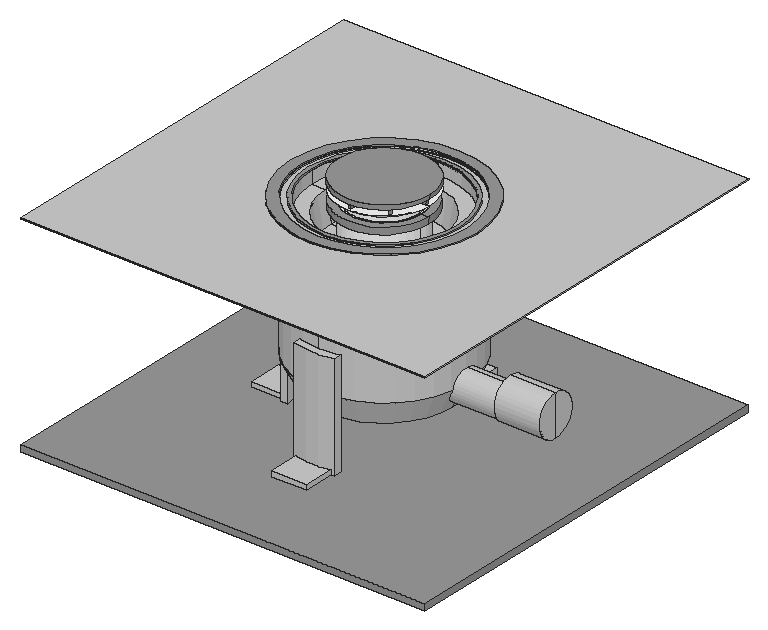
Revit family "HL_Душевой трап_HL570", category Instalační zařizovací předměty, Revit 2016
Family settings
  Typ součásti = Normální
  Kóta kulaté spojky = Použít průměr
  Číslo OmniClass = 23.70.50.21.24.14
  Nadpis OmniClass = Deck Waste Water Drains
  Založené na pracovní rovině = Ne
  Vždy vertikální = Ano
  Ořezat dutým tvarem při načtení = Ne
  Sdílené = Ne
  Bod výpočtu místnosti = Ano
Parameters (values of type "HL_Душевой трап_HL570")
  РЕШЁТКА = "Edelstahl"
  РАЗМЕР = "DN40/50"
  ПРОПУСКНАЯ СПОСОБНОСТЬ [instance] = 0.0 L/s
  ПРОИЗВОДИТЕЛЬНОСТЬ = "0,50 l/s"
  ПРАВОВАЯ ИНФОРМАЦИЯ = "Авторские права(©), права на дизайн или какие либо другие права интелектуальной собственности являются исключительной собственностью компании HL Hutterer & Lechner. Изменению не подлежит. Файл семейства с данными о прозводителе изделия защищен паролем с водяным знаком."
  НОРМЫ = "EN274"
  НОМИНАЛЬНЫЙ ДИАМЕТР [instance] = 50 mm
  МАТЕРИАЛ = "PP/TPE/Edelstahl"
  МАКСИМАЛЬНАЯ НАГРУЗКА КЛАССА = "K3 - 300kg"
  ВЫСОТА МОНТАЖА = "(80) 100 - 200mm (250mm)"
  ВЕС = "0,53 [kg]"
  x [instance] = if(Высота монтажа 1 < Высота монтажа 1 минимум, -10 mm, if(Высота монтажа 1 > Высота монтажа 1 максимум, -10 mm, if(Высота монтажа 2 < Высота монтажа 2 минимум, -10 mm, if(Высота монтажа 2 > Высота монтажа 2 максимум, -10 mm, if(Высота монтажа 3 < Высота монтажа 3 минимум, -10 mm, if(Высота монтажа 3 > Высота монтажа 3 максимум, -10 mm, 20 mm))))))  # 20 mm
  Výrobce = "HL Hutterer & Lechner GmbH"
  URL = "http://www.hutterer-lechner.com/ru/products/catalog/roof-drains/HL570.aspx"
  Tile Material [instance] = none
  Připojení ventilace = no
  Připojení odpadu = yes
  Připojení HW = no
  Připojení CW = no
  Popis = "Душевой трап"
  ND40 [instance] = (НОМИНАЛЬНЫЙ ДИАМЕТР = 40 mm)  # no
  Model = "HL570"
  Assembly Code = " "
  Komentáře k typům = "HL570 FlexBox"
  Keynote = "HL570"
  Высота монтажа 3 минимум [instance] = 0 mm  # constant formula
  Высота монтажа 3 максимум [instance] = 50 mm  # constant formula
  Высота монтажа 3 [instance] = 50 mm
  Высота монтажа 2 минимум [instance] = 100 mm  # constant formula
  Высота монтажа 2 максимум [instance] = 200 mm  # constant formula
  Высота монтажа 1 минимум [instance] = 10 mm  # constant formula
  Высота монтажа 1 максимум [instance] = 30 mm  # constant formula
  IH [instance] = if(НОМИНАЛЬНЫЙ ДИАМЕТР = 50 mm, Высота монтажа 1 + Высота монтажа 2 + 1 mm, if(НОМИНАЛЬНЫЙ ДИАМЕТР = 40 mm, Высота монтажа 1 + Высота монтажа 2 + 1 mm, -10 mm))  # 212.8 mm
  Высота монтажа 2 [instance] = 200 mm
  Высота монтажа 1 [instance] = 11.8 mm  # constant formula
  HL6200 [instance] = yes
  G [instance] = 90.00°  # constant formula
  EAN = "9003076049998"
  D [instance] = if(НОМИНАЛЬНЫЙ ДИАМЕТР = 50 mm, 211.7 mm, if(НОМИНАЛЬНЫЙ ДИАМЕТР = 40 mm, 157.7 mm, -10 mm))  # 211.7 mm
  C [instance] = if(НОМИНАЛЬНЫЙ ДИАМЕТР = 50 mm, 177.8 mm, if(НОМИНАЛЬНЫЙ ДИАМЕТР = 40 mm, 182.8 mm, -10 mm)) - 200 mm + Высота монтажа 2  # 177.8 mm
  B [instance] = 12 mm  # constant formula
  A [instance] = 12 mm  # constant formula
Reference planes
  plane 1 "Center (Front/Back)": y = 0
  plane 2: z = 0
  plane 3 "Center (Left/Right)": x = 0
  plane 4: z = -12
  plane 5: z = -212.8
  plane 6: z = -11.8
  plane 7: z = -31.8
  plane 8: z = -262.8
Lines and regions (mm)
  model lines, style "InvisibleLines"
    curve 1: line (0, 0, 0) -> (0, 0, 20)
  model lines, style "PlumbingFixtures", detail levels coarse+medium
    curve 2: line (0, 0, -177.8) -> (0, 0, -50)
    curve 3: line (0, 0, -50) -> (-50, 0, 0)
    curve 4: line (0, 0, -50) -> (50, 0, 0)
    curve 6: line (0, 0, -177.8) -> (211.7, 0, -177.8)
  reference lines, not visible
    curve 5: line (0, 0, -177.8) -> (211.7, 0, -177.8)
  symbolic lines, style "PlumbingFixtures", detail levels coarse+medium
    curve 7: line (-75, 75, 0) -> (75, 75, 0)
    curve 8: line (-75, -75, 0) -> (-75, 75, 0)
    curve 9: line (75, -75, 0) -> (-75, -75, 0)
    curve 10: line (75, 75, 0) -> (75, -75, 0)
    curve 11: line (-75, 75, 0) -> (-145.711, 145.711, 0)
    curve 12: line (75, 75, 0) -> (145.711, 145.711, 0)
    curve 13: line (-75, -75, 0) -> (-145.711, -145.711, 0)
    curve 14: line (75, -75, 0) -> (145.711, -145.711, 0)
  symbolic lines, style "PlumbingFixtures", not visible, detail levels coarse+medium
    curve 15: line (-75, 75, 0) -> (75, 75, 0)
    curve 16: line (-75, -75, 0) -> (-75, 75, 0)
    curve 17: line (75, -75, 0) -> (-75, -75, 0)
    curve 18: line (75, 75, 0) -> (75, -75, 0)
    curve 19: line (-75, 75, 0) -> (-145.711, 145.711, 0)
    curve 20: line (75, 75, 0) -> (145.711, 145.711, 0)
    curve 21: line (-75, -75, 0) -> (-145.711, -145.711, 0)
    curve 22: line (75, -75, 0) -> (145.711, -145.711, 0)
Text (mm)
  text "FLOOR" at (-162.344, 0, -10.979), in view "вид строительства"
Dimensions and locks
  "B": plane 2 to plane 4
  "IH": plane 2 to plane 5
  plane 4 to curve 4 = 38 mm
  "D": curve 5 to curve 5
  "D": curve 6 to curve 6
  "Высота монтажа 1": plane 2 to plane 6
  "x": plane 6 to plane 7
  "C": plane 2 to curve 5
  "Высота монтажа 3": plane 5 to plane 8
  locked: nested 3 to plane 2 at 12.579
  locked: curve 4 to plane 3 "Center (Left/Right)" (angle 45.00°)
  locked: plane 3 "Center (Left/Right)" to curve 3 (angle 45.00°)
  "G": angle curve 5 to plane 3 "Center (Left/Right)"
  aligned and locked: level to plane 2
  aligned and locked: plane 2 to curve 4
  aligned and locked: plane 2 to curve 3
  aligned and locked: plane 3 "Center (Left/Right)" to curve 5
  aligned and locked: curve 6 to plane 3 "Center (Left/Right)"
  aligned and locked: curve 6 to curve 5
  aligned and locked: curve 2 to curve 6
  aligned and locked: nested 2 to plane 6
  aligned and locked: nested 2 to plane 3 "Center (Left/Right)"
  aligned and locked: nested 1 to plane 8
  aligned and locked: plane 3 "Center (Left/Right)" to nested 3
Automatic sketch dimensions
  curve 2 to plane 3 "Center (Left/Right)" = 0 mm
  curve 1 to plane 3 "Center (Left/Right)" = 0 mm
  curve 1 to level = 0 mm
  level to curve 1 = 20 mm
Nested families
  nested 1: "HL_Комплектующие_HL6200" at (0, 0, -262.8), visible <- "HL6200", type "HL6200"
  nested 2: "HL-Душевой трап-HL570" at (0, 0, 19.736), IH3 <- "Высота монтажа 3", IH2 <- "Высота монтажа 2", DN 40 <- "ND40", type "HL-Душевой трап-HL570"
    with IH3 50 mm, IH2 200 mm, IH1 30 mm, DN 50 yes, DN 40 no, A 60 mm
  nested 3: "HL-Душевой трап-HL522.1" at (0, 0, 7.579), type "HL-Душевой трап-HL522.1"
Connectors
  piping at (211.7, 0, -177.8), diameter 50, driven by "ПРОПУСКНАЯ СПОСОБНОСТЬ", driven by "НОМИНАЛЬНЫЙ ДИАМЕТР"
    settings: on curve 5, index 1, connector inside diameter 609.6 mm, connector length 0 mm, flow factor 0, pipe flow 0.0 L/s, pressure drop 0.0 Pa, fitting loss kfactor 0, connector angle 0.00°, fixture units 0, engagement length 0 mm, angle of deflection 0.00°, flow configuration 1, flow direction 2, fitting loss method 0, system type 16, joint type 0, gender type 0, connector reference index -1, connector utility 0, adjustable connector yes, is connector primary yes, connector description ""
Definition of nested family "HL_Комплектующие_HL6200"
  Parameters (values of type "HL6200")
    РАЗМЕР = "500x500x8mm"
    ПРАВОВАЯ ИНФОРМАЦИЯ = "Авторские права(©), права на дизайн или какие либо другие права интелектуальной собственности являются исключительной собственностью компании HL Hutterer & Lechner. Изменению не подлежит. Файл семейства с данными о прозводителе изделия защищен паролем с водяным знаком."  # constant formula
    МАТЕРИАЛ = "Gummigranulat"
    ВЫСОТА МОНТАЖА = "8 mm"
    ВЕС = "0,82 [kg]"
    Waste Connection = no
    Vent Connection = no
    Manufacturer = "HL Hutterer & Lechner GmbH"  # constant formula
    URL = "http://www.hutterer-lechner.com/ru/products/catalog/floor-drains/attachments/HL6200.aspx"
    HW Connection = no
    Description = "Трапы для внутренних помещений - Комплектующие"
    Model = "HL6200"
    Type Comments = "HL6200 Звукоизоляционная прокладка 500х500х8 мм"
    Keynote = "HL6200"
    EAN = "9003076033805"
    CW Connection = no
  Reference planes
    plane 1 "Center (Front/Back)": y = 0
    plane 2: z = 0
    plane 3 "Center (Left/Right)": x = 0
    plane 4 "Ball Joint Vertical": x = 25.45
  Forms (mm)
    Extrusion 1, solid, detail levels fine
      sketch origin (0, 0, 0) x (1, 0, 0) y (0, 1, 0)
        loop
          line (250, 250) -> (-250, 250) -> (-250, -250) -> (250, -250) -> (250, 250)
      from 0 to -8
  Text (mm)
    text "ROOF/FLOOR" at (-198.233, 0, -26.556), in view "Drain Construction View"
  Dimensions and locks
    locked: plane 4 "Ball Joint Vertical" to plane 3 "Center (Left/Right)" at 25.45
    aligned and locked: level to plane 2
Definition of nested family "HL-Душевой трап-HL570"
  Parameters (values of type "HL-Душевой трап-HL570")
    РЕШЁТКА = "Edelstahl"
    РАЗМЕР = "DN40/50"
    ПРОИЗВОДИТЕЛЬНОСТЬ = "0,50 l/s"
    ПРАВОВАЯ ИНФОРМАЦИЯ = "Авторские права(©), права на дизайн или какие либо другие права интелектуальной собственности являются исключительной собственностью компании HL Hutterer & Lechner. Изменению не подлежит. Файл семейства с данными о прозводителе изделия защищен паролем с водяным знаком."
    НОРМЫ = "EN274"
    МАТЕРИАЛ = "PP/TPE/Edelstahl"
    МАКСИМАЛЬНАЯ НАГРУЗКА КЛАССА = "K3 - 300kg"
    ВЫСОТА МОНТАЖА = "(80) 100 - 200mm (250mm)"
    ВЕС = "0,53 [kg]"
    Manufacturer = "HL Hutterer & Lechner GmbH"
    URL = "http://www.hutterer-lechner.com/ru/products/catalog/roof-drains/HL570.aspx"
    Description = "Душевой трап"
    Model = "HL570"
    Материал = none
    Type Comments = "HL570 FlexBox"
    Keynote = "HL570"
    IH3 min = 0 mm  # constant formula
    IH3 max = 50 mm  # constant formula
    IH3 [instance] = 50 mm
    IH2 min = 100 mm  # constant formula
    IH2 max = 200 mm  # constant formula
    IH2 [instance] = 200 mm
    IH1 min = 10 mm  # constant formula
    IH1 max = 30 mm  # constant formula
    IH1 [instance] = 30 mm
    EAN = "9003076049998"
    DN 50 [instance] = not(DN 40)  # yes
    DN 40 [instance] = no
    Cost = 0
    A [instance] = IH3 + 10 mm  # 60 mm
  Reference planes
    plane 1 "Střed (vpředu/vzadu)": y = 0
    plane 2: z = 0
    plane 3 "Střed (vlevo/vpravo)": x = 0
    plane 4: z = -30
    plane 5: z = -32.536
    plane 6: z = -152.536
    plane 7: z = -282.536
    plane 8: z = -232.536
    plane 9: z = -222.536
    plane 10: z = -200.726
  Forms (mm)
    Extrusion 1, solid, detail levels fine
      sketch origin (0, -200, -32.536) x (0, 1, 0) y (-1, 0, 0)
        loop
          line (-50, 250) -> (-50, -250) -> (450, -250) -> (450, 250) -> (-50, 250)
        loop
          circle (200, 0) r 101.896
      from 0 to 1
    Extrusion 2, solid, detail levels fine
      sketch origin (0, -200, -32.536) x (0, 1, 0) y (-1, 0, 0)
        loop
          circle (200, 0) r 94.116
      from 1 to 2.5
    Extrusion 3, solid, material <- "Материал", detail levels fine
      sketch origin (0, 88, -152.536) x (0, 1, 0) y (-1, 0, 0)
        loop
          circle (-88, 0) r 101.896
      from -48.19 to 120
    Extrusion 4, solid, detail levels fine
      sketch origin (0, 88, -152.536) x (0, 1, 0) y (-1, 0, 0)
        loop
          circle (-88, 0) r 87.869
      from 0 to -2.5
    Extrusion 5, solid, material <- "Материал", detail levels fine
      sketch origin (0, 122.746, -232.536) x (0, 1, 0) y (-1, 0, 0)
        loop
          arc (-97.392, 108.047) -> (-122.746, 111.767) -> (-148.1, 108.047) r 88.278
          line (-148.1, 108.047) -> (-148.1, 98.691)
          arc (-148.1, 98.691) -> (-122.746, 101.896) -> (-97.392, 98.691) r 101.896
          line (-97.392, 98.691) -> (-97.392, 108.047)
      from -50 to 80
    Extrusion 6, solid, material <- "Материал", detail levels fine
      sketch origin (0, 133.67, -282.536) x (0, 1, 0) y (-1, 0, 0)
        loop
          line (-112.17, 147.121) -> (-155.178, 147.121) -> (-155.178, 99.6)
          arc (-155.178, 99.6) -> (-133.674, 101.896) -> (-112.17, 99.6) r 101.85
          line (-112.17, 99.6) -> (-112.17, 147.121)
      from 0 to 6
    Extrusion 7, solid, material <- "Материал", detail levels fine
      sketch origin (122.746, 0, -232.536) x (1, 0, 0) y (0, 1, 0)
        loop
          arc (-97.392, 108.047) -> (-122.746, 112.149) -> (-148.1, 108.047) r 80.407
          line (-148.1, 108.047) -> (-148.1, 98.691)
          arc (-148.1, 98.691) -> (-122.746, 101.896) -> (-97.392, 98.691) r 101.896
          line (-97.392, 98.691) -> (-97.392, 108.047)
      from -50 to 80
    Extrusion 8, solid, material <- "Материал", detail levels fine
      sketch origin (0, 133.67, -282.536) x (0, 1, 0) y (-1, 0, 0)
        loop
          line (13.451, -21.5) -> (13.451, 21.508) -> (-34.07, 21.508)
          arc (-34.07, 21.508) -> (-31.774, 0.004) -> (-34.07, -21.5) r 101.852
          line (-34.07, -21.5) -> (13.451, -21.5)
      from 0 to 6
    Extrusion 9, solid, material <- "Материал", detail levels fine
      sketch origin (122.746, 0, -232.536) x (1, 0, 0) y (0, 1, 0)
        loop
          line (-97.392, -108.122) -> (-97.392, -98.691)
          arc (-97.392, -98.691) -> (-122.746, -101.896) -> (-148.1, -98.691) r 101.896
          line (-148.1, -98.691) -> (-148.1, -108.122)
          arc (-148.1, -108.122) -> (-122.746, -111.722) -> (-97.392, -108.122) r 91.071
      from -50 to 80
    Extrusion 10, solid, material <- "Материал", detail levels fine
      sketch origin (0, 133.67, -282.536) x (0, 1, 0) y (-1, 0, 0)
        loop
          line (-280.791, -21.502) -> (-233.271, -21.502)
          arc (-233.271, -21.502) -> (-235.566, 0.002) -> (-233.271, 21.506) r 101.875
          line (-233.271, 21.506) -> (-280.791, 21.506) -> (-280.791, -21.502)
      from 0 to 6
    Blend 11, solid, material <- "Материал", detail levels fine
      base sketch origin (0, 0, 0) x (1, 0, 0) y (0, 1, 0)
        loop
          circle (0, 0) r 85
      top sketch origin (0, 0, 0) x (1, 0, 0) y (0, 1, 0)
        loop
          circle (0, 0) r 101.896
      from -232.536 to -200.726
    Revolve 12, solid, material <- "Материал", detail levels fine
      sketch origin (0, 0, 10) x (1, 0, 0) y (0, 0, 1)
        loop
          line (157.697, -212.511) -> (157.697, -192.511) -> (51, -192.511) -> (51, -212.511) -> (157.697, -212.511)
        axis (51, -212.511) -> (157.697, -212.511)
      angle from 0 to 360
    Revolve 13, solid, material <- "Материал", visible <- "DN 50", detail levels fine
      sketch origin (0, 0, 10) x (1, 0, 0) y (0, 0, 1)
        loop
          line (211.681, -207.511) -> (211.681, -182.511) -> (155.992, -182.511) -> (155.992, -207.511) -> (211.681, -207.511)
        axis (155.992, -207.511) -> (211.681, -207.511)
      angle from 0 to 360
    Revolve 14, void
      sketch origin (0, 0, 0) x (1, 0, 0) y (0, 0, 1)
        loop
          line (66.051, -82.59) -> (72.279, -47.266) -> (90.029, -47.266) -> (90.029, -27.266) -> (0, -27.266) -> (0, -82.59) -> (66.051, -82.59)
        axis (0, -27.266) -> (0, -82.59)
      angle from 0 to 360
    Revolve 15, solid, detail levels fine
      sketch origin (0, 0, 0) x (1, 0, 0) y (0, 0, 1)
        loop
          line (40.368, -19.773) -> (40.368, -26.854) -> (38.764, -28.457) -> (38.764, -30.036) -> (0, -30.036) -> (0, -82.59) -> (45.577, -82.59) -> (45.577, -41.145) -> (45.577, -32.536) -> (43.557, -32.536) -> (43.557, -24.643) -> (48.557, -24.643) -> (56.056, -19.773) -> (40.368, -19.773)
        axis (0, -19.773) -> (0, -82.59)
      angle from 0 to 360
    Revolve 16, solid, detail levels fine
      sketch origin (0, 0, 0) x (1, 0, 0) y (0, 0, 1)
        loop
          line (55.442, -40.419) -> (55.442, -32.536) -> (45.577, -32.536) -> (45.577, -40.419) -> (55.442, -40.419)
        axis (0, -32.536) -> (0, -40.419)
      angle from 0 to 360
    Extrusion 17, solid, detail levels fine
      sketch origin (0, 0, 0) x (1, 0, 0) y (0, 1, 0)
        loop
          circle (0, 0) r 115
        loop
          circle (0, 0) r 101.896
      from -30 to -29
  Cuts and joins
    joined: Extrusion 7, Extrusion 8
    joined: Extrusion 9, Extrusion 10
    joined: Extrusion 5, Extrusion 6
    Revolve 14 cuts Extrusion 2
    Revolve 14 cuts Extrusion 3
  Dimensions and locks
    "IH1": plane 2 to plane 4
    locked: plane 4 to plane 5 at 2.536
    "IH2": plane 5 to plane 8
    "A": plane 9 to plane 7
    locked: plane 9 to plane 8 at 10
    locked: plane 6 to plane 8 at 80
    locked: plane 10 to plane 8 at 31.81
    locked: Revolve 12 sketch curve to Revolve 12 sketch curve at 20
    locked: Revolve 13 sketch curve to Revolve 13 sketch curve at 25
    aligned and locked: level to plane 2
    aligned and locked: plane 5 to Extrusion 3
    aligned and locked: plane 6 to Extrusion 5
    aligned and locked: Extrusion 5 to plane 7
    aligned and locked: Extrusion 9 to plane 7
    aligned and locked: Extrusion 7 to plane 7
    aligned and locked: plane 6 to Extrusion 9
    aligned and locked: plane 6 to Extrusion 7
    aligned and locked: plane 10 to Extrusion 3
    aligned and locked: Blend 11 to plane 8
    aligned and locked: Blend 11 to Extrusion 3
    aligned and locked: Extrusion 17 to plane 4
  Automatic sketch dimensions
    plane 1 "Střed (vpředu/vzadu)" to Extrusion 2 sketch curve = 0 mm
    Extrusion 2 sketch curve to plane 3 "Střed (vlevo/vpravo)" = 0 mm
    plane 1 "Střed (vpředu/vzadu)" to Extrusion 3 sketch curve = 0 mm
    Extrusion 3 sketch curve to plane 3 "Střed (vlevo/vpravo)" = 0 mm
    plane 1 "Střed (vpředu/vzadu)" to Extrusion 4 sketch curve = 0 mm
    Extrusion 4 sketch curve to plane 3 "Střed (vlevo/vpravo)" = 0 mm
    plane 1 "Střed (vpředu/vzadu)" to Blend 11 sketch curve = 0 mm  (x2)
    Blend 11 sketch curve to plane 3 "Střed (vlevo/vpravo)" = 0 mm  (x2)
    plane 10 to Revolve 12 sketch curve = 1.785 mm  (x2)
    plane 3 "Střed (vlevo/vpravo)" to Revolve 12 sketch curve = 51 mm
    Revolve 12 sketch curve to Revolve 12 sketch curve = 106.697 mm
    Revolve 12 sketch curve to Revolve 12 sketch curve = 26.697 mm
    Revolve 12 sketch curve to Revolve 12 sketch curve = 18.303 mm
    Revolve 13 sketch curve to plane 10 = 3.215 mm  (x2)
    plane 3 "Střed (vlevo/vpravo)" to Revolve 13 sketch curve = 155.992 mm
    Revolve 13 sketch curve to Revolve 13 sketch curve = 55.689 mm
    Revolve 13 sketch curve to Revolve 13 sketch curve = 24.681 mm
    Revolve 13 sketch curve to Revolve 13 sketch curve = 80.319 mm
    plane 1 "Střed (vpředu/vzadu)" to Extrusion 5 sketch curve = 0 mm  (x2)
    Extrusion 5 sketch curve to plane 3 "Střed (vlevo/vpravo)" = 0 mm
    plane 1 "Střed (vpředu/vzadu)" to Extrusion 5 sketch curve = 25.354 mm
    Extrusion 5 sketch curve to plane 3 "Střed (vlevo/vpravo)" = 23.489 mm
    Extrusion 5 sketch curve to Extrusion 5 sketch curve = 84.559 mm
    Extrusion 5 sketch curve to Extrusion 5 sketch curve = 9.356 mm  (x2)
    plane 1 "Střed (vpředu/vzadu)" to Extrusion 6 sketch curve = 21.508 mm
    plane 1 "Střed (vpředu/vzadu)" to Extrusion 6 sketch curve = 0.004 mm
    Extrusion 6 sketch curve to plane 1 "Střed (vpředu/vzadu)" = 21.5 mm
    Extrusion 6 sketch curve to plane 3 "Střed (vlevo/vpravo)" = 0.047 mm
    Extrusion 6 sketch curve to plane 3 "Střed (vlevo/vpravo)" = 147.121 mm
    Extrusion 6 sketch curve to Extrusion 6 sketch curve = 47.52 mm
    Extrusion 7 sketch curve to plane 3 "Střed (vlevo/vpravo)" = 0 mm  (x2)
    plane 1 "Střed (vpředu/vzadu)" to Extrusion 7 sketch curve = 0 mm
    Extrusion 7 sketch curve to plane 3 "Střed (vlevo/vpravo)" = 25.354 mm
    Extrusion 7 sketch curve to Extrusion 7 sketch curve = 31.742 mm
    Extrusion 7 sketch curve to Extrusion 7 sketch curve = 76.305 mm
    Extrusion 7 sketch curve to Extrusion 7 sketch curve = 9.356 mm  (x2)
    Extrusion 8 sketch curve to plane 3 "Střed (vlevo/vpravo)" = 0.004 mm
    Extrusion 8 sketch curve to plane 1 "Střed (vpředu/vzadu)" = 0.044 mm
    Extrusion 8 sketch curve to plane 3 "Střed (vlevo/vpravo)" = 21.508 mm
    Extrusion 8 sketch curve to plane 1 "Střed (vpředu/vzadu)" = 147.121 mm
    Extrusion 8 sketch curve to Extrusion 8 sketch curve = 47.52 mm
    plane 3 "Střed (vlevo/vpravo)" to Extrusion 8 sketch curve = 21.5 mm
    plane 1 "Střed (vpředu/vzadu)" to Extrusion 9 sketch curve = 0 mm
    Extrusion 9 sketch curve to plane 3 "Střed (vlevo/vpravo)" = 0 mm  (x2)
    Extrusion 9 sketch curve to plane 3 "Střed (vlevo/vpravo)" = 25.354 mm
    plane 3 "Střed (vlevo/vpravo)" to Extrusion 9 sketch curve = 25.354 mm
    plane 1 "Střed (vpředu/vzadu)" to Extrusion 9 sketch curve = 20.651 mm
    Extrusion 9 sketch curve to Extrusion 9 sketch curve = 87.47 mm
    Extrusion 9 sketch curve to Extrusion 9 sketch curve = 9.43 mm
    plane 1 "Střed (vpředu/vzadu)" to Extrusion 10 sketch curve = 147.121 mm
    Extrusion 10 sketch curve to plane 3 "Střed (vlevo/vpravo)" = 0.002 mm
    plane 1 "Střed (vpředu/vzadu)" to Extrusion 10 sketch curve = 0.021 mm
    plane 3 "Střed (vlevo/vpravo)" to Extrusion 10 sketch curve = 21.502 mm
    Extrusion 10 sketch curve to Extrusion 10 sketch curve = 47.52 mm
    Extrusion 10 sketch curve to Extrusion 10 sketch curve = 0 mm
    plane 1 "Střed (vpředu/vzadu)" to Extrusion 1 sketch curve = 0 mm
    Extrusion 1 sketch curve to plane 3 "Střed (vlevo/vpravo)" = 0 mm
    plane 1 "Střed (vpředu/vzadu)" to Extrusion 1 sketch curve = 250 mm
    Extrusion 1 sketch curve to plane 1 "Střed (vpředu/vzadu)" = 250 mm
    plane 3 "Střed (vlevo/vpravo)" to Extrusion 1 sketch curve = 250 mm
    Extrusion 1 sketch curve to plane 3 "Střed (vlevo/vpravo)" = 250 mm
    Revolve 14 sketch curve to plane 3 "Střed (vlevo/vpravo)" = 0 mm
    Revolve 14 sketch curve to plane 5 = 14.73 mm
    plane 3 "Střed (vlevo/vpravo)" to Revolve 14 sketch curve = 72.279 mm
    Revolve 14 sketch curve to Revolve 14 sketch curve = 17.749 mm
    plane 4 to Revolve 14 sketch curve = 2.734 mm
    Revolve 14 sketch curve to Revolve 14 sketch curve = 6.229 mm
    Revolve 14 sketch curve to Revolve 14 sketch curve = 35.324 mm
    Revolve 16 sketch curve to plane 5 = 0 mm
    plane 3 "Střed (vlevo/vpravo)" to Revolve 16 sketch curve = 45.577 mm
    Revolve 16 sketch curve to Revolve 16 sketch curve = 9.865 mm
    Revolve 16 sketch curve to Revolve 16 sketch curve = 7.884 mm
    Extrusion 17 sketch curve to Extrusion 17 sketch curve = 0 mm  (x2)
    plane 1 "Střed (vpředu/vzadu)" to Extrusion 17 sketch curve = 0 mm
    Extrusion 17 sketch curve to plane 3 "Střed (vlevo/vpravo)" = 0 mm
    Revolve 15 sketch curve to plane 3 "Střed (vlevo/vpravo)" = 0 mm
    Revolve 15 sketch curve to plane 5 = 0 mm
    Revolve 15 sketch curve to plane 4 = 0.036 mm
    plane 4 to Revolve 15 sketch curve = 1.543 mm
    plane 3 "Střed (vlevo/vpravo)" to Revolve 15 sketch curve = 38.764 mm
    Revolve 15 sketch curve to Revolve 15 sketch curve = 1.604 mm  (x2)
    Revolve 15 sketch curve to Revolve 15 sketch curve = 4.793 mm
    Revolve 15 sketch curve to Revolve 15 sketch curve = 2.02 mm
    plane 4 to Revolve 15 sketch curve = 5.357 mm
    Revolve 15 sketch curve to Revolve 15 sketch curve = 5 mm
    Revolve 15 sketch curve to Revolve 15 sketch curve = 7.499 mm
    Revolve 15 sketch curve to Revolve 15 sketch curve = 8.61 mm
    Revolve 15 sketch curve to Revolve 15 sketch curve = 41.445 mm
    Revolve 15 sketch curve to Revolve 15 sketch curve = 4.87 mm
    radius of Extrusion 2 sketch curve = 94.116 mm
    radius of Extrusion 3 sketch curve = 101.896 mm
    radius of Extrusion 4 sketch curve = 87.869 mm
    radius of Blend 11 sketch curve = 85 mm
    radius of Blend 11 sketch curve = 101.896 mm
    radius of Extrusion 1 sketch curve = 101.896 mm
    radius of Extrusion 17 sketch curve = 115 mm
    radius of Extrusion 17 sketch curve = 101.896 mm
Definition of nested family "HL-Душевой трап-HL522.1"
  Parameters (values of type "HL-Душевой трап-HL522.1")
    РАЗМЕР = "d 113mm"
    ПРАВОВАЯ ИНФОРМАЦИЯ = "Авторские права(©), права на дизайн или какие либо другие права интелектуальной собственности являются исключительной собственностью компании HL Hutterer & Lechner. Изменению не подлежит. Файл семейства с данными о прозводителе изделия защищен паролем с водяным знаком."
    МАТЕРИАЛ = "Edelstahl"
    ВЕС = "0,139 [kg]"
    Waste Connection = no
    Vent Connection = no
    Manufacturer = "HL Hutterer & Lechner GmbH"
    URL = "http://www.hutterer-lechner.com/ru/products/catalog/roof-drains/HL522.1.aspx"
    Материал = none
    HW Connection = no
    Description = "Душевой трап"
    Model = "HL522.1"
    Type Comments = "Декоративная крышка нержавеющая сталь d 113мм"
    Keynote = "HL522.1"
    EAN = "9003076008902"
    CW Connection = no
  Reference planes
    plane 1 "Center (Front/Back)": y = 0
    plane 2: z = 0
    plane 3 "Center (Left/Right)": x = 0
    plane 4 "Ball Joint Vertical": x = 25.45
  Forms (mm)
    Extrusion 1, solid, material <- "Материал", detail levels fine
      sketch origin (0, 0, 0) x (0, 1, 0) y (0, 0, 1)
        loop
          line (-52.905, -7.48) -> (-40.028, -8.606) -> (-40.028, -14.254) -> (-34.247, -14.254) -> (-33, 0) -> (-54.495, 0) -> (-52.905, -7.48)
      from 1.369 to -1.286
    Extrusion 2, solid, material <- "Материал", detail levels fine
      sketch origin (-0.041, 0.041, 0) x (0, 1, 0) y (0, 0, 1)
        loop
          line (-52.905, -7.48) -> (-40.028, -8.606) -> (-40.028, -14.254) -> (-34.247, -14.254) -> (-33, 0) -> (-54.495, 0) -> (-52.905, -7.48)
      from 1.369 to -1.286
    Extrusion 3, solid, material <- "Материал", detail levels fine
      sketch origin (-0.041, 0.041, 0) x (-0.707107, -0.707107, 0) y (0, 0, -1)
        loop
          line (-52.905, 7.48) -> (-54.495, 0) -> (-33, 0) -> (-34.247, 14.254) -> (-40.028, 14.254) -> (-40.028, 8.606) -> (-52.905, 7.48)
      from 1.369 to -1.286
    Extrusion 4, solid, material <- "Материал", detail levels fine
      sketch origin (-0.041, 0.041, 0) x (1, 0, 0) y (0, 0, 1)
        loop
          line (-52.905, -7.48) -> (-40.028, -8.606) -> (-40.028, -14.254) -> (-34.247, -14.254) -> (-33, 0) -> (-54.495, 0) -> (-52.905, -7.48)
      from 1.369 to -1.286
    Extrusion 5, solid, material <- "Материал", detail levels fine
      sketch origin (-0.041, 0.041, 0) x (0.707107, -0.707107, 0) y (0, 0, -1)
        loop
          line (-52.905, 7.48) -> (-54.495, 0) -> (-33, 0) -> (-34.247, 14.254) -> (-40.028, 14.254) -> (-40.028, 8.606) -> (-52.905, 7.48)
      from 1.369 to -1.286
    Extrusion 6, solid, material <- "Материал", detail levels fine
      sketch origin (-0.041, 0.041, 0) x (-0.707107, 0.707107, 0) y (0, 0, 1)
        loop
          line (-52.905, -7.48) -> (-40.028, -8.606) -> (-40.028, -14.254) -> (-34.247, -14.254) -> (-33, 0) -> (-54.495, 0) -> (-52.905, -7.48)
      from 1.369 to -1.286
    Extrusion 7, solid, material <- "Материал", detail levels fine
      sketch origin (-0.041, 0.041, 0) x (0.707107, 0.707107, 0) y (0, 0, 1)
        loop
          line (-52.905, -7.48) -> (-40.028, -8.606) -> (-40.028, -14.254) -> (-34.247, -14.254) -> (-33, 0) -> (-54.495, 0) -> (-52.905, -7.48)
      from 1.369 to -1.286
    Extrusion 8, solid, material <- "Материал", detail levels fine
      sketch origin (-0.041, 0.041, 0) x (-1, 0, 0) y (0, 0, -1)
        loop
          line (-52.905, 7.48) -> (-54.495, 0) -> (-33, 0) -> (-34.247, 14.254) -> (-40.028, 14.254) -> (-40.028, 8.606) -> (-52.905, 7.48)
      from 1.369 to -1.286
    Extrusion 9, solid, material <- "Материал", detail levels fine
      sketch origin (-0.041, 0.041, 0) x (0, -1, 0) y (0, 0, -1)
        loop
          line (-52.905, 7.48) -> (-54.495, 0) -> (-33, 0) -> (-34.247, 14.254) -> (-40.028, 14.254) -> (-40.028, 8.606) -> (-52.905, 7.48)
      from 1.369 to -1.286
    Extrusion 10, solid, material <- "Материал", detail levels fine
      sketch origin (0, 0, 0) x (1, 0, 0) y (0, 1, 0)
        loop
          circle (0, 0) r 56.711
      from 5 to 0
  Text (mm)
    text "ROOF/FLOOR" at (-198.233, 0, -26.556), in view "вид строительства"
  Dimensions and locks
    locked: plane 4 "Ball Joint Vertical" to plane 3 "Center (Left/Right)" at 25.45
    aligned and locked: level to plane 2
